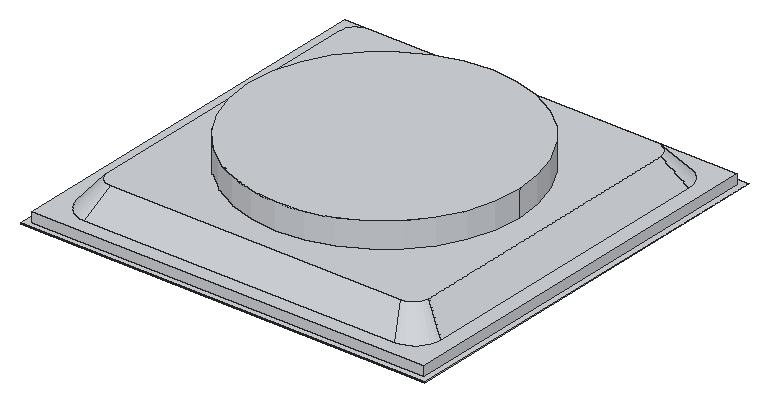
Revit family "3PD-LAYIN-ROUND NECK", category Air Terminals, Revit 2018
Family settings
  Round Connector Dimension = Use Diameter
  Part Type = Normal
  OmniClass Number = 23.75.00.00
  OmniClass Title = Climate Control (HVAC)
  Work Plane-Based = No
  Always vertical = Yes
  Cut with Voids When Loaded = No
  Shared = No
  Room Calculation Point = No
Parameters (values of type "3PD-L, 16" DIA, ALUM")
  URL = "https://www.anemostat-hvac.com"
  Topdim = 1' - 6 13/16"
  TopRad = 0' - 0 115/128"
  Square Collar = Neck Size - 0' 0 1/4"  # 1' - 3 3/4"
  SecondLevel = 0' - 1 1/2"
  Neck Size = 1' - 4"
  Model = "3PD"
  Middim = 1' - 9 7/32"
  Wall23 = 1' - 11"
  Material = Aluminum
  Manufacturer = "ANEMOSTAT PRODUCTS"
  FirstLevel = 0' - 0 147/256"
  Description = "Perforated Ceiling Return/Exhaust; Ducted 24x24 Module Size"
  CollarHi = 0' - 1 1/2"
  Round Collar = Neck Size - 0' 0 1/8"  # 1' - 3 7/8"
  Botdim = 1' - 10 15/32"
  BotRad = 0' - 0 3/8"
  Basethickness = 0' - 0 9/256"
  Basedim = 1' - 11 3/4"
Types (21): name | Square Collar | Neck Size | Material | Round Collar
  (no name) | 1' - 3 3/4" | 1' - 4" | Aluminum | 1' - 3 7/8"
  3PD-L, 18" DIA, ALUM | 1' - 5 3/4" | 1' - 6" | Aluminum | 1' - 5 7/8"
  3PD-L, 18" DIA, STEEL | 1' - 5 3/4" | 1' - 6" | STEEL | 1' - 5 7/8"
  3PD-L, 16" DIA, STEEL | 1' - 3 3/4" | 1' - 4" | STEEL | 1' - 3 7/8"
  3PD-L, 14" DIA, STEEL | 1' - 1 3/4" | 1' - 2" | STEEL | 1' - 1 7/8"
  3PD-L, 12" DIA, STEEL | 0' - 11 3/4" | 1' - 0" | STEEL | 0' - 11 7/8"
  3PD-L, 10" DIA, STEEL | 0' - 9 3/4" | 0' - 10" | STEEL | 0' - 9 7/8"
  3PD-L, 09" DIA, STEEL | 0' - 8 3/4" | 0' - 9" | STEEL | 0' - 8 7/8"
  3PD-L, 08" DIA, STEEL | 0' - 7 3/4" | 0' - 8" | STEEL | 0' - 7 7/8"
  3PD-L, 07" DIA, STEEL | 0' - 6 3/4" | 0' - 7" | STEEL | 0' - 6 7/8"
  3PD-L, 06" DIA, STEEL | 0' - 5 3/4" | 0' - 6" | STEEL | 0' - 5 7/8"
  3PD-L, 05" DIA, STEEL | 0' - 4 3/4" | 0' - 5" | STEEL | 0' - 4 7/8"
  3PD-L, 05" DIA, ALUM | 0' - 4 3/4" | 0' - 5" | Aluminum | 0' - 4 7/8"
  3PD-L, 06" DIA, ALUM | 0' - 5 3/4" | 0' - 6" | Aluminum | 0' - 5 7/8"
  3PD-L, 07" DIA, ALUM | 0' - 6 3/4" | 0' - 7" | Aluminum | 0' - 6 7/8"
  3PD-L, 08" DIA, ALUM | 0' - 7 3/4" | 0' - 8" | Aluminum | 0' - 7 7/8"
  3PD-L, 09" DIA, ALUM | 0' - 8 3/4" | 0' - 9" | Aluminum | 0' - 8 7/8"
  3PD-L, 10" DIA, ALUM | 0' - 9 3/4" | 0' - 10" | Aluminum | 0' - 9 7/8"
  3PD-L, 12" DIA, ALUM | 0' - 11 3/4" | 1' - 0" | Aluminum | 0' - 11 7/8"
  3PD-L, 14" DIA, ALUM | 1' - 1 3/4" | 1' - 2" | Aluminum | 1' - 1 7/8"
  3PD-L, 16" DIA, ALUM | 1' - 3 3/4" | 1' - 4" | Aluminum | 1' - 3 7/8"
Reference planes (in)
  plane 1 "Center (Front/Back)": y = 0
  plane 2: z = 0
  plane 3 "Center (Left/Right)": x = 0
Forms (in)
  Extrusion 1, solid
    sketch origin (0, 0, 0) x (1, 0, 0) y (0, 1, 0)
      loop
        line (-11.875, 11.875) -> (-11.875, -11.875) -> (11.875, -11.875) -> (11.875, 11.875) -> (-11.875, 11.875)
    from 0 to 0.03516 <- "Basethickness"
  Extrusion 2, solid
    sketch origin (0, 0, 0) x (1, 0, 0) y (0, 1, 0)
      loop
        line (-11.5, 11.5) -> (-11.5, -11.5) -> (11.5, -11.5) -> (11.5, 11.5) -> (-11.5, 11.5)
    from 0 to 0.57422 <- "FirstLevel"
  Blend 3, solid
    base sketch origin (0, 0, 0.57422) x (1, 0, 0) y (0, 1, 0)
      loop
        arc (-9.10937, 10.60937) -> (-10.17004, 10.17004) -> (-10.60937, 9.10937) r 1.5
        line (-10.60937, 9.10937) -> (-10.60937, -9.10938)
        arc (-10.60937, -9.10938) -> (-10.17004, -10.17004) -> (-9.10937, -10.60938) r 1.5
        line (-9.10937, -10.60938) -> (9.10938, -10.60938)
        arc (9.10938, -10.60938) -> (10.17004, -10.17004) -> (10.60938, -9.10938) r 1.5
        line (10.60938, -9.10938) -> (10.60938, 9.10937)
        arc (10.60938, 9.10937) -> (10.17004, 10.17004) -> (9.10938, 10.60937) r 1.5
        line (9.10938, 10.60937) -> (-9.10937, 10.60937)
    top sketch origin (0, 0, 0.57422) x (1, 0, 0) y (0, 1, 0)
      loop
        arc (-8.50781, 9.40625) -> (-9.1431, 9.1431) -> (-9.40625, 8.50781) r 0.89844
        line (-9.40625, 8.50781) -> (-9.40625, -8.50781)
        arc (-9.40625, -8.50781) -> (-9.1431, -9.1431) -> (-8.50781, -9.40625) r 0.89844
        line (-8.50781, -9.40625) -> (8.50781, -9.40625)
        arc (8.50781, -9.40625) -> (9.1431, -9.1431) -> (9.40625, -8.50781) r 0.89844
        line (9.40625, -8.50781) -> (9.40625, 8.50781)
        arc (9.40625, 8.50781) -> (9.1431, 9.1431) -> (8.50781, 9.40625) r 0.89844
        line (8.50781, 9.40625) -> (-8.50781, 9.40625)
    from 0 to 1.5 <- "SecondLevel"
  Extrusion 4, solid
    sketch origin (0, 0, 2.07422) x (1, 0, 0) y (0, 1, 0)
      loop
        circle (0, 0) r 7.9375
    from 0 to 1.5 <- "CollarHi"
Dimensions and locks (in)
  equal spacing: Extrusion 1 sketch curve, plane 3 "Center (Left/Right)", Extrusion 1 sketch curve
  equal spacing: Extrusion 1 sketch curve, plane 1 "Center (Front/Back)", Extrusion 1 sketch curve
  "Basedim": Extrusion 1 sketch curve to Extrusion 1 sketch curve  (x2)
  equal spacing: Extrusion 2 sketch curve, plane 3 "Center (Left/Right)", Extrusion 2 sketch curve
  equal spacing: Extrusion 2 sketch curve, plane 1 "Center (Front/Back)", Extrusion 2 sketch curve
  "Wall23": Extrusion 2 sketch curve to Extrusion 2 sketch curve  (x2)
  equal spacing: Blend 3 sketch curve, plane 3 "Center (Left/Right)", Blend 3 sketch curve  (x2)
  equal spacing: Blend 3 sketch curve, plane 1 "Center (Front/Back)", Blend 3 sketch curve  (x2)
  "Middim": Blend 3 sketch curve to Blend 3 sketch curve  (x2)
  "Topdim": Blend 3 sketch curve to Blend 3 sketch curve  (x2)
  "TopRad": radius of Blend 3 sketch curve  (x4)
  "Round Collar": diameter of Extrusion 4 sketch curve
  "CollarHi": radius of Blend 3 sketch curve  (x4)
  aligned and locked: level to plane 2
Automatic sketch dimensions
  Extrusion 4 sketch curve to Blend 3 = 0' - 9 13/32"  (x2)
Connectors (in)
  hvac at (0, 0, 3.57422), driven by "Neck Size"
    settings: on Extrusion 4, index 1, duct flow 0 CFM, flow factor 0, pres drop 0.00 in-wg, loss coef 0, conn angle 0.00°, conn width 12", conn height 12", conn diameter 16", duct sys type 3, conn prof type 0, flow config 0, flow direction 2, loss method 0, conn ref index -1, conn util no, is conn primary yes, conn desc ""
